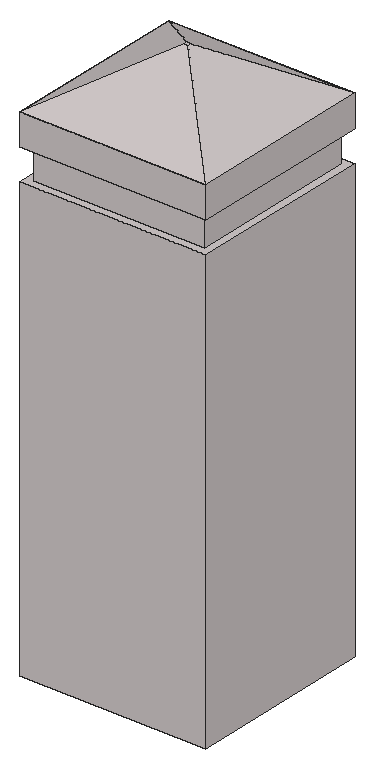
Revit family
Parameters (values of type "300 x 300mm")
  Material = Concrete - Precast Concrete
Reference planes
  plane 1 "Center (Front/Back)": y = 2.4
  plane 2: z = 0
  plane 3 "Center (Left/Right)": x = 2.4
  plane 4: x = 152.4
  plane 5: y = -147.6
  plane 6: y = 152.4
  plane 7: x = -147.6
  plane 8: z = 900
  plane 9: z = 815.181
  plane 10: z = 764.381
  plane 11: z = 713.581
Forms (mm)
  Extrusion 1, solid, material "Concrete - Precast Concrete" <- "Material"
    sketch origin (0, 0, 0) x (1, 0, 0) y (0, 1, 0)
      loop
        line (-147.6, 152.4) -> (-147.6, -147.6) -> (152.4, -147.6) -> (152.4, 152.4) -> (-147.6, 152.4)
    from 0 to 713.581
  Extrusion 2, solid, material "Concrete - Precast Concrete" <- "Material"
    sketch origin (0, 0, 0) x (1, 0, 0) y (0, 1, 0)
      loop
        line (-134.9, 139.7) -> (-134.9, -134.9) -> (139.7, -134.9) -> (139.7, 139.7) -> (-134.9, 139.7)
    from 713.581 to 764.381
  Extrusion 3, solid, material "Concrete - Precast Concrete" <- "Material"
    sketch origin (0, 0, 0) x (1, 0, 0) y (0, 1, 0)
      loop
        line (-147.6, 152.4) -> (-147.6, -147.6) -> (152.4, -147.6) -> (152.4, 152.4) -> (-147.6, 152.4)
    from 764.381 to 815.181
  Blend 4, solid, material "Concrete - Precast Concrete" <- "Material"
    base sketch origin (0, 0, 0) x (1, 0, 0) y (0, 1, 0)
      loop
        line (-147.6, 152.4) -> (-147.6, -147.6) -> (152.4, -147.6) -> (152.4, 152.4) -> (-147.6, 152.4)
    top sketch origin (0, 0, 0) x (1, 0, 0) y (0, 1, 0)
      loop
        line (-0.775, 5.575) -> (-0.775, -0.775) -> (5.575, -0.775) -> (5.575, 5.575) -> (-0.775, 5.575)
    from 815.181 to 900
Lines and regions (mm)
  symbolic lines, style "Site Accessories"
    curve 1: line (-147.6, 152.4, 0) -> (152.4, 152.4, 0)
    curve 2: line (-147.6, -147.6, 0) -> (-147.6, 152.4, 0)
    curve 3: line (152.4, -147.6, 0) -> (-147.6, -147.6, 0)
    curve 4: line (152.4, 152.4, 0) -> (152.4, -147.6, 0)
    curve 5: line (152.4, 152.4, 0) -> (-147.6, -147.6, 0)
    curve 6: line (-147.6, 152.4, 0) -> (152.4, -147.6, 0)
